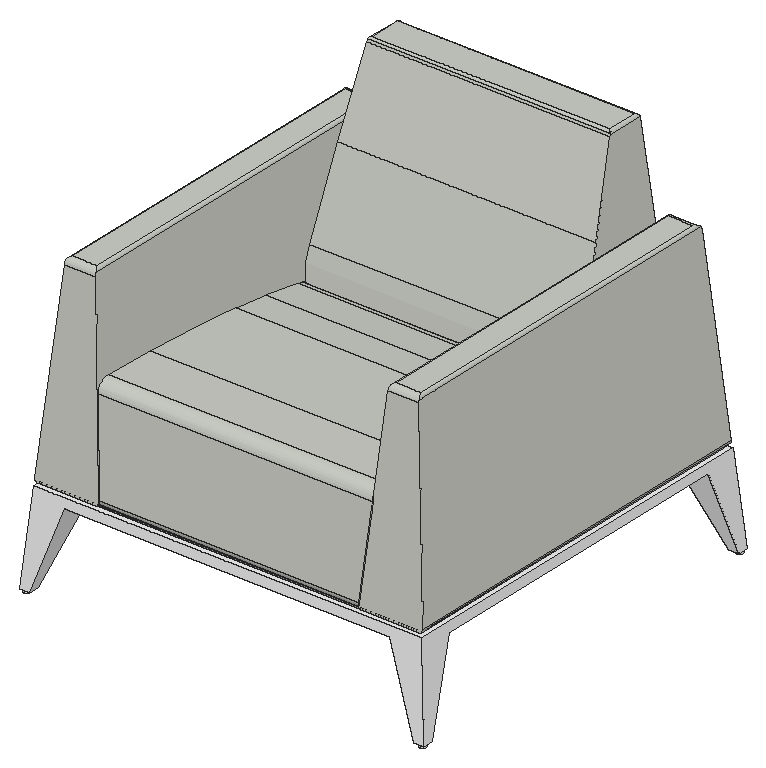
Revit family
Parameters
  Width = 2' - 8"  # constant formula
  URL = "http://elanbydecca.com/"
  Upholstery [instance] = Furniture - DECCA (Elan) - Vertex - Upholstery
  Base [instance] = Furniture - DECCA (Elan) - Vertex - Base
  Product URL = "http://elanbydecca.com/PDFs/elan_tearsheet-vertex.pdf"
  Model = "VT LC300"
  Manufacturer = "Decca Contract"
  Height = 2' - 6"  # constant formula
  Description = "Vertex, Loungge Chair"
  Depth = 2' - 8"  # constant formula
  Assembly Description = "Furniture & Accessories"
  Assembly Code = "E2020200"
Reference planes (in)
  plane 1 "Center Front/Back": y = -0.7524
  plane 2: z = 0
  plane 3 "Center Left/Right": x = 0
  plane 4 "L": x = -16
  plane 5 "R": x = 16
  plane 6 "F": y = -16.7524
  plane 7: y = 15.2476
  plane 8: through (-6.25338, 2.33237, 23.38953) normal (0.4297, -0.4297, 0.7941)
  plane 9: z = 30
  plane 10: z = 16
  plane 11: x = -15.36862
  plane 12: x = -12.58452
  plane 13: x = -15.22423
  plane 14: x = 15.36862
  plane 15: x = 15.22423
  plane 16: z = 6.69972
  plane 17 "BT": z = 7.44949
  plane 18: z = 7.70022
  plane 19: x = -10.25435
  plane 20: x = 10.25435
  plane 21: z = 23.5
  plane 22: y = 14.61374
  plane 23: y = 14.47183
  plane 24: y = -16.11854
  plane 25: y = -15.97663
  plane 26: z = 0.19972
  plane 27: through (-15.22423, -180, 0.19694) normal (-0.9397, 0, 0.342)
  plane 28: through (0, 14.47183, 0.19694) normal (0, 0.9391, 0.3436)
  plane 29: y = 11.81791
  plane 30: y = -13.32271
  plane 31: x = 12.58452
  plane 32: through (0, 13.25934, 22.69446) normal (0, 0.9964, 0.0844)
  plane 33: through (0, -15.40972, 15.47123) normal (0, 0.9964, -0.0847)
  plane 34: through (-10.60194, -180, 18.93287) normal (0.996, 0, -0.0897)
  plane 35: through (10.60194, -180, 18.93287) normal (0.996, 0, 0.0897)
  plane 36: through (-10.60194, -180, 13.06713) normal (-0.996, 0, -0.0897)
  plane 37: through (10.60194, -180, 13.06713) normal (-0.996, 0, 0.0897)
Forms (in)
  Blend 1, solid, material "Furniture - DECCA (Elan) - Vertex - Base" <- "Base"
    base sketch origin (0, 0, 8.32075) x (0, -1, 0) y (1, 0, 0)
      loop
        line (-15.2476, -16) -> (-14.47183, -16) -> (-14.47183, -15.22423) -> (-15.2476, -15.22423) -> (-15.2476, -16)
    top sketch origin (0, 0, 8.32075) x (0, -1, 0) y (1, 0, 0)
      loop
        line (-14.61374, -15.36862) -> (-11.81791, -15.36862) -> (-11.81791, -12.58452) -> (-14.61374, -12.58452) -> (-14.61374, -15.36862)
    from -8.12381 to -0.87126
  Blend 2, solid, material "Furniture - DECCA (Elan) - Vertex - Base" <- "Base"
    base sketch origin (0, -1.5048, 8.32075) x (0, -1, 0) y (1, 0, 0)
      loop
        line (15.2476, -16) -> (15.2476, -15.22423) -> (14.47183, -15.22423) -> (14.47183, -16) -> (15.2476, -16)
    top sketch origin (0, -1.5048, 8.32075) x (0, -1, 0) y (1, 0, 0)
      loop
        line (14.61374, -15.36862) -> (14.61374, -12.58452) -> (11.81791, -12.58452) -> (11.81791, -15.36862) -> (14.61374, -15.36862)
    from -8.12381 to -0.87126
  Blend 3, solid, material "Furniture - DECCA (Elan) - Vertex - Base" <- "Base"
    base sketch origin (0, -1.5048, 8.32075) x (0, 1, 0) y (-1, 0, 0)
      loop
        line (-15.2476, -16) -> (-14.47183, -16) -> (-14.47183, -15.22423) -> (-15.2476, -15.22423) -> (-15.2476, -16)
    top sketch origin (0, -1.5048, 8.32075) x (0, 1, 0) y (-1, 0, 0)
      loop
        line (-14.61374, -15.36862) -> (-11.81791, -15.36862) -> (-11.81791, -12.58452) -> (-14.61374, -12.58452) -> (-14.61374, -15.36862)
    from -8.12381 to -0.87126
  Blend 4, solid, material "Furniture - DECCA (Elan) - Vertex - Base" <- "Base"
    base sketch origin (0, 0, 8.32075) x (0, 1, 0) y (-1, 0, 0)
      loop
        line (15.2476, -16) -> (15.2476, -15.22423) -> (14.47183, -15.22423) -> (14.47183, -16) -> (15.2476, -16)
    top sketch origin (0, 0, 8.32075) x (0, 1, 0) y (-1, 0, 0)
      loop
        line (14.61374, -15.36862) -> (14.61374, -12.58452) -> (11.81791, -12.58452) -> (11.81791, -15.36862) -> (14.61374, -15.36862)
    from -8.12381 to -0.87126
  Extrusion 5, solid, material "Furniture - DECCA (Elan) - Vertex - Base" <- "Base"
    sketch origin (0, 0, 0) x (0, 1, 0) y (0, 0, 1)
      loop
        line (14.67927, 6.69972) -> (14.61374, 7.44949) -> (11.81791, 7.44949) -> (11.81791, 6.69972) -> (14.67927, 6.69972)
    from -15.36862 to 15.36862
  Extrusion 6, solid, material "Furniture - DECCA (Elan) - Vertex - Base" <- "Base"
    sketch origin (0, -1.5048, 0) x (0, -1, 0) y (0, 0, -1)
      loop
        line (14.67927, -6.69972) -> (11.81791, -6.69972) -> (11.81791, -7.44949) -> (14.61374, -7.44949) -> (14.67927, -6.69972)
    from -15.36862 to 15.36862
  Extrusion 7, solid, material "Furniture - DECCA (Elan) - Vertex - Base" <- "Base"
    sketch origin (0, -16.42176, 0) x (1, 0, 0) y (0, 0, -1)
      loop
        line (-15.43389, -6.69972) -> (-15.36862, -7.44949) -> (-12.58452, -7.44949) -> (-12.58452, -6.69972) -> (-15.43389, -6.69972)
      loop
        line (15.36862, -7.44949) -> (15.43389, -6.69972) -> (12.58452, -6.69972) -> (12.58452, -7.44949) -> (15.36862, -7.44949)
    from 0.30321 to 31.0355
  Extrusion 8, solid, material "Furniture - DECCA (Elan) - Vertex - Base" <- "Base"
    sketch origin (0, 0, 8.32075) x (0, -1, 0) y (1, 0, 0)
      loop
        circle (16.43547, 15.68431) r 0.25
      loop
        circle (16.43547, -15.68431) r 0.25
      loop
        circle (-14.93067, -15.68431) r 0.25
      loop
        circle (-14.93067, 15.68431) r 0.25
    from -8.32075 to -8.12102
  Extrusion 9, solid, material "Furniture - DECCA (Elan) - Vertex - Upholstery" <- "Upholstery"
    sketch origin (0, -16.42176, 0) x (1, 0, 0) y (0, 0, -1)
      loop
        line (-13.76398, -23.5) -> (-11.859, -23.5)
        arc (-11.859, -23.5) -> (-11.69006, -23.43428) -> (-11.60994, -23.27168) r 0.25
        line (-11.60994, -23.27168) -> (-10.278, -7.9719)
        arc (-10.278, -7.9719) -> (-10.34278, -7.78128) -> (-10.52706, -7.70022) r 0.25
        line (-10.52706, -7.70022) -> (-15.09591, -7.70022)
        arc (-15.09591, -7.70022) -> (-15.2802, -7.78128) -> (-15.34497, -7.9719) r 0.25
        line (-15.34497, -7.9719) -> (-14.01304, -23.27168)
        arc (-14.01304, -23.27168) -> (-13.93292, -23.43428) -> (-13.76398, -23.5) r 0.25
      loop
        line (10.278, -7.9719) -> (11.60994, -23.27168)
        arc (11.60994, -23.27168) -> (11.69006, -23.43428) -> (11.859, -23.5) r 0.25
        line (11.859, -23.5) -> (13.76398, -23.5)
        arc (13.76398, -23.5) -> (13.93292, -23.43428) -> (14.01304, -23.27168) r 0.25
        line (14.01304, -23.27168) -> (15.34497, -7.9719)
        arc (15.34497, -7.9719) -> (15.2802, -7.78128) -> (15.09591, -7.70022) r 0.25
        line (15.09591, -7.70022) -> (10.52706, -7.70022)
        arc (10.52706, -7.70022) -> (10.34278, -7.78128) -> (10.278, -7.9719) r 0.25
    from -0.33064 to 31.66936
  Extrusion 10, void
    sketch origin (0, 0, 0) x (0, 1, 0) y (0, 0, 1)
      loop
        line (14.55053, 7.44949) -> (16.4976, 7.44949) -> (16.4976, 30) -> (-18.0024, 30) -> (-18.0024, 7.44949) -> (-16.09189, 7.44949) -> (-14.76587, 23.04237)
        arc (-14.76587, 23.04237) -> (-14.60591, 23.36823) -> (-14.26767, 23.5) r 0.5
        line (-14.26767, 23.5) -> (12.73167, 23.5)
        arc (12.73167, 23.5) -> (13.06998, 23.36817) -> (13.22989, 23.0422) r 0.5
        line (13.22989, 23.0422) -> (14.55053, 7.44949)
    from -16 to 16
  Extrusion 11, solid, material "Furniture - DECCA (Elan) - Vertex - Upholstery" <- "Upholstery"
    sketch origin (0, 0, 0) x (0, 1, 0) y (0, 0, 1)
      loop
        line (12.41087, 30) -> (9.97402, 30)
        arc (9.97402, 30) -> (9.83242, 29.95603) -> (9.74063, 29.83959) r 0.25
        line (9.74063, 29.83959) -> (9.67423, 29.66662)
        arc (9.67423, 29.66662) -> (8.52817, 26.51784) -> (7.4927, 23.33098) r 96
        line (7.4927, 23.33098) -> (5.46904, 16.71189)
        arc (5.46904, 16.71189) -> (5.16239, 15.47882) -> (4.98785, 14.22024) r 12
        line (4.98785, 14.22024) -> (4.45645, 7.9714)
        arc (4.45645, 7.9714) -> (4.52143, 7.7811) -> (4.70555, 7.70022) r 0.25
        line (4.70555, 7.70022) -> (14.25723, 7.70022)
        arc (14.25723, 7.70022) -> (14.44131, 7.78107) -> (14.50633, 7.97132) r 0.25
        line (14.50633, 7.97132) -> (12.65997, 29.7711)
        arc (12.65997, 29.7711) -> (12.58002, 29.93409) -> (12.41087, 30) r 0.25
    from -12.58452 to 12.58452
  Extrusion 12, void
    sketch origin (0, -16.42176, 0) x (1, 0, 0) y (0, 0, -1)
      loop
        line (-9.62574, -29.77242) -> (-10.8271, -16.43269)
        arc (-10.8271, -16.43269) -> (-10.87546, -15.37421) -> (-10.83026, -14.3156) r 12
        line (-10.83026, -14.3156) -> (-10.23252, -7.44949) -> (-15.36862, -7.44949) -> (-15.36862, -32) -> (15.36862, -32) -> (15.36862, -7.70022) -> (10.25435, -7.70022) -> (10.83026, -14.3156)
        arc (10.83026, -14.3156) -> (10.87546, -15.37421) -> (10.8271, -16.43269) r 12
        line (10.8271, -16.43269) -> (9.62574, -29.77242)
        arc (9.62574, -29.77242) -> (9.54541, -29.93453) -> (9.37675, -30) r 0.25
        line (9.37675, -30) -> (-9.37675, -30)
        arc (-9.37675, -30) -> (-9.54541, -29.93453) -> (-9.62574, -29.77242) r 0.25
    from 0 to 32.91936
  Extrusion 13, solid, material "Furniture - DECCA (Elan) - Vertex - Upholstery" <- "Upholstery"
    sketch origin (0, 0, 0) x (0, 1, 0) y (0, 0, 1)
      loop
        arc (4.96754, 13.98136) -> (4.89506, 14.23656) -> (4.67185, 14.37994) r 0.375
        line (4.67185, 14.37994) -> (4.26998, 14.46537)
        arc (4.26998, 14.46537) -> (2.72687, 14.75833) -> (1.17245, 14.98371) r 36
        line (1.17245, 14.98371) -> (-1.81029, 15.34995)
        arc (-1.81029, 15.34995) -> (-5.97767, 15.76958) -> (-10.15939, 16.00704) r 96
        line (-10.15939, 16.00704) -> (-14.39805, 16.15505)
        arc (-14.39805, 16.15505) -> (-15.09648, 15.90381) -> (-15.42935, 15.2404) r 1
        line (-15.42935, 15.2404) -> (-16.03598, 8.107)
        arc (-16.03598, 8.107) -> (-15.9385, 7.82154) -> (-15.66233, 7.70022) r 0.375
        line (-15.66233, 7.70022) -> (4.14633, 7.70022)
        arc (4.14633, 7.70022) -> (4.35773, 7.78258) -> (4.45771, 7.98624) r 0.3125
        line (4.45771, 7.98624) -> (4.96754, 13.98136)
    from -12.58452 to 12.58452
  Sweep 14, solid, material "Furniture - DECCA (Elan) - Vertex - Base" <- "Base"
    path origin (0, 0, 7.44949) x (0, -1, 0) y (1, 0, 0)
      loop
        line (-11.81791, 12.58452) -> (-11.81791, -12.58452) -> (13.32271, -12.58452) -> (13.32271, 12.58452) -> (-11.81791, 12.58452)
    profile origin (0, 11.81791, 7.44949) x (0, -1, 0) y (0, 0, 1)
      loop
        line (-0.59791, 0) -> (-0.59791, 0.25073) -> (-2.59791, 0.25073) -> (-2.34718, 0) -> (-0.59791, 0)
Cuts and joins
  Extrusion 10 cuts Blend 1
  Extrusion 10 cuts Blend 2
  Extrusion 10 cuts Blend 3
  Extrusion 10 cuts Blend 4
  Extrusion 10 cuts Extrusion 5
  Extrusion 10 cuts Extrusion 6
  Extrusion 10 cuts Extrusion 7
  Extrusion 10 cuts Extrusion 8
  joined: Blend 1, Blend 2, Blend 3, Blend 4, Extrusion 5, Extrusion 6, Extrusion 7, Extrusion 8, Sweep 14
  Extrusion 10 cuts Extrusion 9
  Extrusion 12 cuts Extrusion 11
  Extrusion 12 cuts Extrusion 13
Lines and regions (in)
  model lines
    curve 1: line (15.36862, 14.61374, 7.44949) -> (12.85741, 14.67927, 6.69972)
    curve 2: line (-12.85741, 14.67927, 6.69972) -> (-15.36862, 14.61374, 7.44949)
    curve 3: line (15.36862, -16.11854, 7.44949) -> (15.43389, -13.59707, 6.69972)
    curve 4: line (15.43389, 12.09227, 6.69972) -> (15.36862, 14.61374, 7.44949)
    curve 5: line (-15.36862, 14.61374, 7.44949) -> (-15.43389, 12.09227, 6.69972)
    curve 6: line (-15.43389, -13.59707, 6.69972) -> (-15.36862, -16.11854, 7.44949)
    curve 7: line (12.85741, -16.18407, 6.69972) -> (15.36862, -16.11854, 7.44949)
    curve 8: line (-15.36862, -16.11854, 7.44949) -> (-12.85741, -16.18407, 6.69972)
Dimensions and locks (in)
  equal spacing: plane 4 "L", plane 3 "Center Left/Right", plane 5 "R"
  equal spacing: plane 7, plane 1 "Center Front/Back", plane 6 "F"
  "Width": plane 4 "L" to plane 5 "R"
  "Depth": plane 7 to plane 6 "F"
  "Height": plane 9 to level
  plane 18 to plane 17 "BT" to plane 16 to level = 0' - 0.25073" locked, 0' - 0.74977" locked, 0' - 6.69972" locked
  plane 12 to plane 13 to plane 11 to plane 4 "L" = 0' - 2.63971" locked, 0' - 0.14439" locked, 0' - 0.63138" locked
  locked: plane 19 to plane 4 "L" at 5.74565
  locked: plane 5 "R" to plane 20 at 5.74565
  locked: plane 10 to level at 16
  locked: plane 21 to level at 23.5
  locked: plane 26 to level at 0.19972
  plane 7 to plane 22 to plane 23 to plane 29 = 0' - 0.63386" locked, 0' - 0.14191" locked, 0' - 2.65392" locked
  plane 30 to plane 25 to plane 24 to plane 6 "F" = 0' - 2.65392" locked, 0' - 0.14191" locked, 0' - 0.63386" locked
  plane 31 to plane 15 to plane 14 to plane 5 "R" = 0' - 2.63971" locked, 0' - 0.14439" locked, 0' - 0.63138" locked
  aligned and locked: Blend 2 sketch curve to plane 4 "L"
  aligned and locked: Blend 2 sketch curve to plane 6 "F"
  aligned and locked: plane 13 to Blend 2 sketch curve
  aligned and locked: plane 25 to Blend 2 sketch curve
  aligned and locked: Blend 2 sketch curve to plane 24
  aligned and locked: plane 12 to Blend 2 sketch curve
  aligned and locked: plane 30 to Blend 2 sketch curve
  aligned and locked: Blend 2 sketch curve to plane 11
  aligned and locked: Blend 3 sketch curve to plane 25
  aligned and locked: Blend 3 sketch curve to plane 15
  aligned and locked: plane 6 "F" to Blend 3 sketch curve
  aligned and locked: plane 5 "R" to Blend 3 sketch curve
  aligned and locked: plane 24 to Blend 3 sketch curve
  aligned and locked: plane 14 to Blend 3 sketch curve
  aligned and locked: Blend 3 sketch curve to plane 31
  aligned and locked: Blend 3 sketch curve to plane 30
  aligned and locked: plane 7 to Blend 4 sketch curve
  aligned and locked: Blend 4 sketch curve to plane 5 "R"
  aligned and locked: plane 23 to Blend 4 sketch curve
  aligned and locked: plane 15 to Blend 4 sketch curve
  aligned and locked: Blend 4 sketch curve to plane 22
  aligned and locked: Blend 4 sketch curve to plane 14
  aligned and locked: plane 29 to Blend 4 sketch curve
  aligned and locked: plane 31 to Blend 4 sketch curve
  aligned and locked: Blend 1 to Extrusion 5 sketch curve
  aligned and locked: plane 16 to Extrusion 5 sketch curve
  aligned and locked: plane 17 "BT" to Extrusion 5 sketch curve
  aligned and locked: Extrusion 5 sketch curve to plane 29
  aligned and locked: Extrusion 5 to plane 11
  aligned and locked: Extrusion 5 to plane 14
  aligned and locked: Extrusion 6 to plane 11
  aligned and locked: Extrusion 6 to plane 14
  aligned and locked: plane 12 to Extrusion 7 sketch curve
  aligned and locked: plane 16 to Extrusion 7 sketch curve  (x2)
  aligned and locked: plane 17 "BT" to Extrusion 7 sketch curve  (x2)
  aligned and locked: Extrusion 7 sketch curve to plane 31
  aligned and locked: Extrusion 7 to plane 22
  aligned and locked: Extrusion 7 to plane 24
  aligned and locked: Extrusion 8 to level
  aligned and locked: Extrusion 8 to plane 26
  aligned and locked: plane 21 to Extrusion 9 sketch curve  (x2)
  aligned and locked: plane 18 to Extrusion 9 sketch curve  (x2)
  aligned and locked: Extrusion 10 sketch curve to plane 32
  aligned and locked: plane 9 to Extrusion 10 sketch curve
  aligned and locked: plane 17 "BT" to Extrusion 10 sketch curve
  aligned and locked: plane 33 to Extrusion 10 sketch curve
  aligned and locked: Extrusion 10 to plane 4 "L"
  aligned and locked: Extrusion 10 to plane 5 "R"
  aligned and locked: plane 9 to Extrusion 11 sketch curve
  aligned and locked: plane 32 to Extrusion 11 sketch curve
  aligned and locked: plane 18 to Extrusion 11 sketch curve
  aligned and locked: Extrusion 11 to plane 12
  aligned and locked: plane 34 to Extrusion 12 sketch curve
  aligned and locked: Extrusion 12 sketch curve to plane 35
  aligned and locked: plane 11 to Extrusion 12 sketch curve
  aligned and locked: Extrusion 12 sketch curve to plane 14
  aligned and locked: plane 17 "BT" to Extrusion 12 sketch curve
  aligned and locked: plane 9 to Extrusion 12 sketch curve
  aligned and locked: plane 18 to Extrusion 12 sketch curve
  aligned and locked: cut or joined group of Extrusion 11, Extrusion 12 to Extrusion 13 sketch curve
  aligned and locked: plane 18 to Extrusion 13 sketch curve
  aligned and locked: plane 33 to Extrusion 13 sketch curve
  aligned and locked: Extrusion 13 to plane 12
  aligned and locked: plane 29 to Sweep 14 sketch curve
  aligned and locked: Sweep 14 sketch curve to plane 30
  aligned and locked: Sweep 14 sketch curve to plane 31
  aligned and locked: plane 12 to Sweep 14 sketch curve
  aligned and locked: plane 21 to Extrusion 10 sketch curve
Automatic sketch dimensions
  Blend 1 sketch curve to plane 7 = 0' - 0"
  Blend 1 sketch curve to plane 4 "L" = 0' - 0"
  plane 23 to Blend 1 sketch curve = 0' - 0"
  Blend 1 sketch curve to plane 13 = 0' - 0"
  Blend 1 sketch curve to plane 12 = 0' - 0"
  plane 22 to Blend 1 sketch curve = 0' - 0"
  Blend 1 sketch curve to plane 11 = 0' - 0"
  plane 29 to Blend 1 sketch curve = 0' - 0"
  Extrusion 5 to curve 1 = 0' - 0"  (x2)
  Extrusion 5 to curve 2 = 0' - 0"
  curve 1 to Extrusion 5 = 0' - 0"
  curve 2 to Extrusion 5 = 0' - 0"  (x2)
  Extrusion 5 to curve 2 = 0' - 2.51122"
  Extrusion 5 to curve 1 = 0' - 2.51122"
  plane 17 "BT" to Extrusion 6 sketch curve = 0' - 0"
  Extrusion 6 sketch curve to plane 30 = 0' - 0"
  plane 16 to Extrusion 6 sketch curve = 0' - 0"
  Extrusion 6 sketch curve to plane 24 = 0' - 0"
  plane 24 to Extrusion 6 sketch curve = 0' - 0.06553"
  Extrusion 7 sketch curve to plane 11 = 0' - 0"
  plane 11 to Extrusion 7 sketch curve = 0' - 0.06527"
  Extrusion 7 sketch curve to plane 14 = 0' - 0"
  plane 14 to Extrusion 7 sketch curve = 0' - 0.06527"
  curve 3 to Blend 4 = 0' - 0"
  Blend 4 to curve 4 = 0' - 0"
  curve 4 to Blend 4 = 0' - 0"  (x2)
  Blend 4 to curve 4 = 0' - 0.7526"
  Blend 4 to curve 3 = 0' - 0.7526"
  curve 3 to curve 4 = 2' - 1.68934"
  curve 3 to curve 3 = 0' - 2.52147"
  curve 5 to Blend 1 = 0' - 0"
  Blend 1 to curve 5 = 0' - 0"  (x2)
  curve 6 to Blend 1 = 0' - 0"
  Blend 1 to curve 5 = 0' - 0.7526"
  Blend 1 to curve 6 = 0' - 0.7526"
  curve 5 to curve 6 = 2' - 1.68934"
  curve 6 to curve 6 = 0' - 2.52147"
  Blend 2 to curve 8 = 0' - 0"  (x2)
  Blend 2 to curve 7 = 0' - 0"
  curve 8 to Blend 2 = 0' - 0"
  Blend 2 to curve 8 = 0' - 0.75262"
  Blend 2 to curve 7 = 0' - 0.75262"
  curve 8 to curve 7 = 2' - 1.71482"
  curve 7 to curve 7 = 0' - 2.51122"
  Extrusion 8 sketch curve to plane 7 = 0' - 0.31693"  (x2)
  plane 6 "F" to Extrusion 8 sketch curve = 0' - 0.31693"  (x2)
  plane 4 "L" to Extrusion 8 sketch curve = 0' - 0.31569"  (x2)
  plane 5 "R" to Extrusion 8 sketch curve = 0' - 0.31569"  (x2)
  Extrusion 9 sketch curve to plane 11 = 0' - 0.02365"
  Extrusion 9 sketch curve to plane 13 = 0' - 0.12832"
  plane 21 to Extrusion 9 sketch curve = 0' - 0.22832"  (x2)
  Extrusion 9 sketch curve to plane 13 = 0' - 1.21119"
  Extrusion 9 sketch curve to Extrusion 9 sketch curve = 0' - 0.24906"  (x5)
  Extrusion 9 sketch curve to plane 12 = 0' - 0.72552"
  Extrusion 9 sketch curve to plane 19 = 0' - 0.27271"
  Extrusion 9 sketch curve to plane 19 = 0' - 0.02365"
  Extrusion 9 sketch curve to plane 20 = 0' - 0.02365"
  Extrusion 9 sketch curve to plane 31 = 0' - 0.97458"
  plane 31 to Extrusion 9 sketch curve = 0' - 1.17946"
  Extrusion 9 sketch curve to plane 15 = 0' - 0.12832"
  Extrusion 9 sketch curve to plane 14 = 0' - 0.02365"
  Extrusion 9 sketch curve to Extrusion 9 sketch curve = 0' - 0 1/4"  (x6)
  Extrusion 11 sketch curve to plane 1 "Center Front/Back" = 0' - 5.20885"
  Extrusion 11 sketch curve to Extrusion 11 sketch curve = 0' - 0.2491"
  Extrusion 11 sketch curve to plane 10 = 0' - 1.77976"
  Extrusion 11 sketch curve to plane 1 "Center Front/Back" = 0' - 5.74025"
  plane 10 to Extrusion 11 sketch curve = 0' - 0.71189"
  Extrusion 11 sketch curve to Extrusion 11 sketch curve = 0' - 0.48119"
  Extrusion 11 sketch curve to plane 21 = 0' - 0.16902"
  plane 29 to Extrusion 11 sketch curve = 0' - 4.32522"
  Extrusion 11 sketch curve to plane 9 = 0' - 0.33338"
  Extrusion 11 sketch curve to Extrusion 11 sketch curve = 0' - 2.18154"
  Extrusion 11 sketch curve to plane 9 = 0' - 0.16041"
  Extrusion 11 sketch curve to Extrusion 11 sketch curve = 0' - 0 17/256"
  Extrusion 11 sketch curve to Extrusion 11 sketch curve = 0' - 0.2334"
  Extrusion 11 sketch curve to plane 9 = 0' - 0 1/4"
  Extrusion 11 sketch curve to plane 9 = 0' - 0.2289"
  plane 23 to Extrusion 11 sketch curve = 0' - 0.21461"
  Extrusion 11 sketch curve to plane 23 = 0' - 0.0345"
  plane 7 to Extrusion 11 sketch curve = 0' - 1.69709"
  Extrusion 11 sketch curve to level = 0' - 4.73671"
  Extrusion 11 sketch curve to Extrusion 11 sketch curve = 0' - 0.02118"
  Extrusion 13 sketch curve to plane 25 = 0' - 0.05935"
  plane 25 to Extrusion 13 sketch curve = 0' - 0.3143"
  Extrusion 13 sketch curve to plane 10 = 0' - 0.7596"
  Extrusion 13 sketch curve to Extrusion 13 sketch curve = 0' - 0.9964"
  plane 10 to Extrusion 13 sketch curve = 0' - 0.15505"
  Extrusion 13 sketch curve to Extrusion 13 sketch curve = 0' - 0.0349"
  Extrusion 13 sketch curve to plane 30 = 0' - 0.18703"
  plane 10 to Extrusion 13 sketch curve = 0' - 0.00704"
  plane 30 to Extrusion 13 sketch curve = 0' - 3.16332"
  plane 1 "Center Front/Back" to Extrusion 13 sketch curve = 0' - 2.46245"
  Extrusion 13 sketch curve to plane 10 = 0' - 0.65005"
  plane 1 "Center Front/Back" to Extrusion 13 sketch curve = 0' - 1.05789"
  Extrusion 13 sketch curve to plane 10 = 0' - 1.01629"
  Extrusion 13 sketch curve to plane 1 "Center Front/Back" = 0' - 1.92485"
  Extrusion 13 sketch curve to plane 18 = 0' - 0 5/16"
  Extrusion 13 sketch curve to plane 10 = 0' - 1.53463"
  Extrusion 13 sketch curve to Extrusion 13 sketch curve = 0' - 3.09752"
  Extrusion 13 sketch curve to plane 18 = 0' - 0.28602"
  Extrusion 13 sketch curve to Extrusion 13 sketch curve = 0' - 0.32391"
  Extrusion 13 sketch curve to plane 10 = 0' - 1.62006"
  Extrusion 13 sketch curve to Extrusion 13 sketch curve = 0' - 0.07797"
  Extrusion 13 sketch curve to Extrusion 13 sketch curve = 0' - 0.37365"
  plane 17 "BT" to Sweep 14 sketch curve = 0' - 0"
  Sweep 14 sketch curve to plane 17 "BT" = 0' - 0.25073"
  profile plane to Sweep 14 sketch curve = 0' - 2.59791"
  Sweep 14 sketch curve to Sweep 14 sketch curve = 0' - 0.25073"
  profile plane to Sweep 14 sketch curve = 0' - 0.59791"
  plane 17 "BT" to Extrusion 10 sketch curve = 0' - 0"
  Extrusion 10 sketch curve to plane 6 "F" = 0' - 1 1/4"
  Extrusion 10 sketch curve to plane 21 = 0' - 0.45763"
  Extrusion 10 sketch curve to Extrusion 10 sketch curve = 0' - 0.4982"
  Extrusion 10 sketch curve to plane 21 = 0' - 0 1/2"
  Extrusion 10 sketch curve to plane 21 = 0' - 0.4578"
  plane 7 to Extrusion 10 sketch curve = 0' - 1 1/4"
  Extrusion 12 sketch curve to plane 20 = 0' - 0"
  Extrusion 12 sketch curve to plane 12 = 0' - 11.45999"
  Extrusion 12 sketch curve to plane 19 = 0' - 0.57591"
  Extrusion 12 sketch curve to plane 10 = 0' - 0.43269"
  plane 19 to Extrusion 12 sketch curve = 0' - 0.02183"
  plane 9 to Extrusion 12 sketch curve = 0' - 0.22758"  (x2)
  Extrusion 12 sketch curve to Extrusion 12 sketch curve = 0' - 0.24899"
  Extrusion 12 sketch curve to plane 3 "Center Left/Right" = 0' - 1.12453"
  plane 20 to Extrusion 12 sketch curve = 0' - 0.8776"
  Extrusion 12 sketch curve to plane 20 = 0' - 0.57275"
  Extrusion 12 sketch curve to plane 20 = 0' - 0.57591"
  plane 10 to Extrusion 12 sketch curve = 0' - 1.6844"
  Extrusion 12 sketch curve to Extrusion 12 sketch curve = 0' - 1.04073"
  Extrusion 12 sketch curve to plane 9 = 0' - 2"
  radius of Extrusion 8 sketch curve = 0' - 0 1/4"  (x4)
